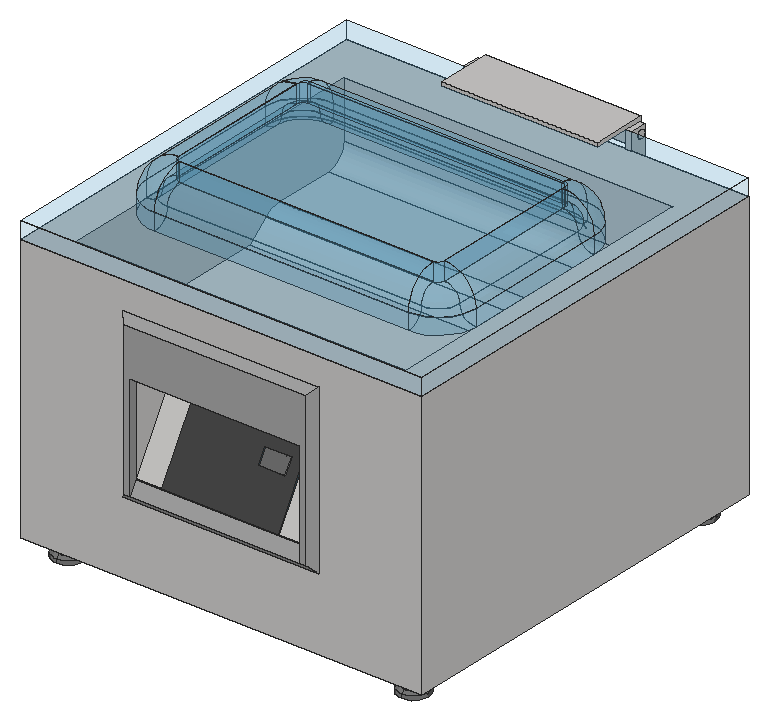
Revit family "QF_ELECTROLUXPROFESSIONAL_602180_EVP16D", category Specialty Equipment, Revit 2018
Family settings
  Round Connector Dimension = Use Diameter
  Part Type = Normal
  Work Plane-Based = No
  Always vertical = Yes
  Cut with Voids When Loaded = No
  Shared = No
  Room Calculation Point = No
Parameters (values of type "Standard")
  Width = 531.0 mm
  Weight = 61.00 kg
  Watts = 0 W
  Volts = 220 V
  URL Manufacturer = "http://professional.electrolux.com"
  URL = "http://professional.electrolux.com"
  Steam Supply Size = 0 mm
  Steam Supply Minimum Pressure = 0.0 Pa
  Steam Supply Maximum Pressure = 0.0 Pa
  Steam Pounds per Hour = 0
  Refrigeration Suction Line Size = 0 mm
  Refrigeration Liquid Line Size = 0 mm
  Refrigerant Compressor Remote = yes
  Manufacturer = "Electrolux Professional"
  Phase = 0
  Model = "EVP16D"
  Max_Height = 830.0 mm
  Length Actual = 531.0 mm  # constant formula
  Item Number = "602180"
  Hot Water Size = 0 mm
  Height Actual = 440.0 mm  # constant formula
  Height = 440.0 mm
  HP = "1.1 HP"
  Gas Size = 0 mm
  Gas KW = 0
  Gas Input Pressure = 0 W
  FeetLeft = 474.0 mm
  FeetFront = 457.0 mm
  Feet [instance] = 923.0 mm
  Direct Waste Size = 0 mm
  Description = "VACUUM PACKER 16 M3/H, TABLE TOP, DIGITAL DISPLAY"
  Depth Actual = 594.0 mm  # constant formula
  Depth = 594.0 mm
  Cycle = 60 Hz
  Condensate Return Size = 0 mm
  Compressed Air Volume = 0.0 L/s
  Compressed Air Size = 0 mm
  Compressed Air Pressure = 0.0 Pa
  Cold Water Size = 0 mm
  Accessory = yes
Types (2, lengths in mm): name | URL | Manufacturer | Model | Description
  (no name) | 0.0 | 0.0 | 0.0 | 0.0
  Standard | "http://professional.electrolux.com" | "Electrolux Professional" | "EVP16D" | "VACUUM PACKER 16 M3/H, TABLE TOP, DIGITAL DISPLAY"
Values of the unnamed type that differ from the named types
  Volts = 0 V
  URL Manufacturer = ""
  Item Number = ""
  Cycle = 0 Hz
Reference planes
  plane 1 "Center (Front/Back)": y = 0
  plane 2: z = 0
  plane 3 "Center (Left/Right)": x = 0
  plane 4 "LEFT": x = -265.5
  plane 5 "RIGHT": x = 265.5
  plane 6 "FRONT": y = -285
  plane 7 "Feet": z = 923
  plane 8 "TOP": z = 1340
  plane 9 "FeetY_Left": x = -228.5
  plane 10 "FeetX_Back": y = 232.5
  plane 11 "FeetX_Front": y = -241.5
  plane 12 "FeetY_Right": x = 228.5
  plane 13 "Cover": z = 1299
  plane 14 "PANEL": through (0, -188.368, 1191.413) normal (0, -0.8594, 0.5113)
  plane 15 "Pipe": y = 309
  plane 16 "PipeX": x = -194.407
  plane 17 "Open_MaxHeight": z = 1730
  plane 18: z = 900
  plane 19 "BACK": y = 292
Forms (mm)
  Revolve 1, solid, material "QF_Finishes_Rubber Black"
    sketch origin (-228.5, -374, 900) x (0, 1, 0) y (0, 0, 1)
      loop
        line (132.5, 0) -> (132.5, 23) -> (118.459, 23) -> (118.459, 8) -> (112.5, 5) -> (112.5, 0) -> (132.5, 0)
      axis (132.5, 23) -> (132.5, 0)
    angle from 0 to 360
  Revolve 2, solid, material "QF_Finishes_Rubber Black"
    sketch origin (228.5, 0, 900) x (0, 1, 0) y (0, 0, 1)
      loop
        line (-241.5, 0) -> (-241.5, 23) -> (-255.541, 23) -> (-255.541, 8) -> (-261.5, 5) -> (-261.5, 0) -> (-241.5, 0)
      axis (-241.5, 23) -> (-241.5, 0)
    angle from 0 to 360
  Revolve 3, solid, material "QF_Finishes_Rubber Black"
    sketch origin (-228.5, 0, 900) x (0, 1, 0) y (0, 0, 1)
      loop
        line (232.5, 0) -> (232.5, 23) -> (218.459, 23) -> (218.459, 8) -> (212.5, 5) -> (212.5, 0) -> (232.5, 0)
      axis (232.5, 23) -> (232.5, 0)
    angle from 0 to 360
  Revolve 4, solid, material "QF_Finishes_Rubber Black"
    sketch origin (228.5, 374, 900) x (0, 1, 0) y (0, 0, 1)
      loop
        line (-141.5, 0) -> (-141.5, 23) -> (-155.541, 23) -> (-155.541, 8) -> (-161.5, 5) -> (-161.5, 0) -> (-141.5, 0)
      axis (-141.5, 23) -> (-141.5, 0)
    angle from 0 to 360
  Extrusion 5, solid, material "QF_Finishes_Stainless Steel"
    sketch origin (0, 0, 0) x (1, 0, 0) y (0, 1, 0)
      loop
        line (-265.5, -275) -> (265.5, -275) -> (265.5, 266) -> (-265.5, 266) -> (-265.5, -275)
    from 923 to 1276.075
  Sweep 6, solid, material "Glass"
    path origin (-10, 20, 1299) x (-1, 0, 0) y (0, -1, 0)
      loop
        arc (158, -101.5) -> (193.355, -86.855) -> (208, -51.5) r 50
        line (208, -51.5) -> (208, 144.476)
        arc (208, 144.476) -> (193.355, 179.831) -> (158, 194.476) r 50
        line (158, 194.476) -> (-178, 194.476)
        arc (-178, 194.476) -> (-213.355, 179.831) -> (-228, 144.476) r 50
        line (-228, 144.476) -> (-228, -51.5)
        arc (-228, -51.5) -> (-213.355, -86.855) -> (-178, -101.5) r 50
        line (-178, -101.5) -> (158, -101.5)
    profile origin (0, 121.5, 1299) x (0, 1, 0) y (0, 0, 1)
      loop
        line (0.024, -22.925) -> (0.024, -0.972)
        arc (0.024, -0.972) -> (-12.266, 28.699) -> (-41.936, 40.989) r 41.96
        line (-41.936, 40.989) -> (-41.936, 16.929)
        arc (-41.936, 16.929) -> (-27.767, 11.06) -> (-21.898, -3.109) r 20.038
        arc (-21.898, -3.109) -> (-15.074, -17.594) -> (0.024, -22.925) r 20.778
  Extrusion 7, void
    sketch origin (0, 0, 0) x (0, 1, 0) y (0, 0, 1)
      loop
        line (200.533, 1276) -> (-242, 1276) -> (-242, 1201.071)
        arc (-242, 1201.071) -> (-235.996, 1186.575) -> (-221.5, 1180.571) r 20.5
        line (-221.5, 1180.571) -> (-141.413, 1180.571)
        arc (-141.413, 1180.571) -> (-130.662, 1178.578) -> (-121.339, 1172.865) r 30
        line (-121.339, 1172.865) -> (-91.502, 1146) -> (45.689, 1146) -> (72.68, 1167.284)
        arc (72.68, 1167.284) -> (82.412, 1173.787) -> (93.893, 1176.071) r 30
        line (93.893, 1176.071) -> (175.533, 1176.071)
        arc (175.533, 1176.071) -> (193.211, 1183.393) -> (200.533, 1201.071) r 25
        line (200.533, 1201.071) -> (200.533, 1276)
    from -218.024 to 218.024
  Blend 8, solid, material "QF_Finishes_Gray"
    base sketch origin (0, -285, 0) x (-1, 0, 0) y (0, 0, 1)
      loop
        line (-130, 1240.464) -> (-130, 1019) -> (130, 1019) -> (130, 1240.464) -> (-130, 1240.464)
    top sketch origin (0, -285, 0) x (-1, 0, 0) y (0, 0, 1)
      loop
        line (-120, 1230.464) -> (-120, 1029) -> (120, 1029) -> (120, 1230.464) -> (-120, 1230.464)
    from 10 to 0
  Extrusion 9, void
    sketch origin (0, 0, 21.423) x (0, 1, 0) y (0, 0, 1)
      loop
        line (-285, 1007.577) -> (-223.603, 1110.77) -> (-285, 1147.299) -> (-285, 1007.577)
    from -113 to 113
  Extrusion 10, solid, material "QF_Finishes_Stainless Steel"
    sketch origin (0, 0, 0) x (0, 1, 0) y (0, 0, 1)
      loop
        line (266, 1227.492) -> (288.413, 1227.492) -> (288.413, 1299) -> (266, 1299) -> (266, 1227.492)
    from -103 to -111
  Extrusion 11, solid, material "QF_Finishes_Stainless Steel"
    sketch origin (0, 7, 0) x (0, 1, 0) y (0, 0, 1)
      loop
        line (212.5, 1299) -> (266, 1299) -> (266, 1277.306) -> (285, 1277.306) -> (285, 1304) -> (212.5, 1304) -> (212.5, 1299)
      loop
        circle (273, 1290.774) r 5
    from -103 to 103
  Extrusion 12, solid, material "QF_Finishes_Stainless Steel"
    sketch origin (0, 7, 0) x (0, 1, 0) y (0, 0, 1)
      loop
        circle (273, 1290.774) r 5
    from 111 to 112.734
  Extrusion 13, solid, material "QF_Finishes_Stainless Steel"
    sketch origin (0, 7, 0) x (0, 1, 0) y (0, 0, -1)
      loop
        circle (273, -1290.774) r 5
    from 111 to 113.286
  Extrusion 14, solid, material "QF_Finishes_Stainless Steel"
    sketch origin (0, 0, 0) x (0, 1, 0) y (0, 0, 1)
      loop
        line (266, 1227.492) -> (288.413, 1227.492) -> (288.413, 1299) -> (266, 1299) -> (266, 1227.492)
    from 103 to 111
  Extrusion 15, solid, material "QF_Finishes_Stainless Steel"
    sketch origin (0, 285, 0) x (-1, 0, 0) y (0, 0, 1)
      loop
        circle (-235.5, 933) r 8
    from -19 to -17.4
  Sweep 16, solid, material "QF_Finishes_Stainless Steel"
    path origin (-194.407, 0, 45) x (0, -1, 0) y (0, 0, 1)
      loop
        line (-300.5, 1133.544) -> (-300.5, 1118.544)
        arc (-300.5, 1118.544) -> (-297.571, 1111.473) -> (-290.5, 1108.544) r 10
        line (-290.5, 1108.544) -> (-266, 1108.544)
    profile origin (-194.407, 300.5, 1171.044) x (-1, 0, 0) y (0, -1, 0)
      loop
        circle (0, 0) r 8.5
      loop
        circle (0, 0) r 7
  Extrusion 17, solid, material "Glass"
    sketch origin (-10, 20, 1299) x (-1, 0, 0) y (0, -1, 0)
      loop
        line (166.024, -56) -> (166.024, 144.476)
        arc (166.024, 144.476) -> (163.662, 150.178) -> (157.96, 152.54) r 8.064
        line (157.96, 152.54) -> (-177.96, 152.54)
        arc (-177.96, 152.54) -> (-183.662, 150.178) -> (-186.024, 144.476) r 8.064
        line (-186.024, 144.476) -> (-186.024, -56)
        arc (-186.024, -56) -> (-183.662, -61.702) -> (-177.96, -64.064) r 8.064
        line (-177.96, -64.064) -> (157.96, -64.064)
        arc (157.96, -64.064) -> (163.662, -61.702) -> (166.024, -56) r 8.064
    from 16.929 to 41
  Extrusion 18, solid, material "Glass"
    sketch origin (0, 0, 0) x (1, 0, 0) y (0, 1, 0)
      loop
        line (-265.5, -275) -> (265.5, -275) -> (265.5, 266) -> (-265.5, 266) -> (-265.5, -275)
    from 1299 to 1276.075
  Sweep 19, solid, material "QF_Door-Drawer Clearances", detail levels coarse
    path origin (-10, 118.477, 1488.01) x (0, -0.669131, 0.743145) y (-1, 0, 0)
      loop
        line (-106, 158) -> (-106, -178)
        arc (-106, -178) -> (-91.355, -213.355) -> (-56, -228) r 50
        line (-56, -228) -> (139.976, -228)
        arc (139.976, -228) -> (175.331, -213.355) -> (189.976, -178) r 50
        line (189.976, -178) -> (189.976, 158)
        arc (189.976, 158) -> (175.331, 193.355) -> (139.976, 208) r 50
        line (139.976, 208) -> (-56, 208)
        arc (-56, 208) -> (-91.355, 193.355) -> (-106, 158) r 50
    profile origin (0, 189.405, 1409.236) x (0, -0.669131, 0.743145) y (0, -0.743145, -0.669131)
      loop
        line (-0.024, 22.925) -> (-0.024, 0.972)
        arc (-0.024, 0.972) -> (12.266, -28.699) -> (41.936, -40.989) r 41.96
        line (41.936, -40.989) -> (41.936, -16.929)
        arc (41.936, -16.929) -> (27.767, -11.06) -> (21.898, 3.109) r 20.038
        arc (21.898, 3.109) -> (15.074, 17.594) -> (-0.024, 22.925) r 20.778
  Extrusion 20, solid, material "QF_Door-Drawer Clearances", detail levels coarse
    sketch origin (0, -860.251, 633.672) x (1, 0, 0) y (0, 0.669131, -0.743145)
      loop
        line (-265.5, -305.63) -> (265.5, -305.63) -> (265.5, 266) -> (-265.5, 266) -> (-265.5, -305.63)
    from 1299 to 1276.075
  Extrusion 21, solid, material "QF_Door-Drawer Clearances", detail levels coarse
    sketch origin (0, 0, 0) x (0, 1, 0) y (0, 0, 1)
      loop
        line (169.425, 1452.239) -> (187.305, 1467.828) -> (49.88, 1625.451) -> (32, 1609.863) -> (169.425, 1452.239)
    from -176.064 to 176.064
Cuts and joins
  Extrusion 7, Extrusion 9 cuts Extrusion 5
  Extrusion 9 cuts Blend 8
Lines and regions (mm)
  symbolic lines
    curve 1: line (265.5, -275, 1299) -> (-265.5, -275, 1299)
    curve 2: line (-120, -285, 1299) -> (-130, -275, 1299)
    curve 3: line (120, -285, 1299) -> (-120, -285, 1299)
    curve 4: line (130, -275, 1299) -> (120, -285, 1299)
    curve 5: line (265.5, 266, 1299) -> (265.5, -275, 1299)
    curve 6: line (-265.5, -275, 1299) -> (-265.5, 266, 1299)
    curve 7: line (-103, 292, 1299) -> (103, 292, 1299)
    curve 8: line (-103, 292, 1299) -> (-103, 219.5, 1299)
    curve 9: line (103, 292, 1299) -> (103, 219.5, 1299)
    curve 10: line (111, 288.413, 1299) -> (111, 266, 1299)
    curve 11: line (-265.5, 266, 1299) -> (-103, 266, 1299)
    curve 12: line (261, 267.6, 1299) -> (227.5, 267.6, 1299)
    curve 13: line (227.5, 267.6, 1299) -> (227.5, 266, 1299)
    curve 14: line (261, 267.6, 1299) -> (261, 266, 1299)
    curve 15: line (103, 219.5, 1299) -> (-103, 219.5, 1299)
    curve 16: line (103, 266, 1299) -> (265.5, 266, 1299)
    curve 17: circle (-194.407, 300.5, 1299) r 8.5 normal (0, 0, 1)
    curve 18: circle (-194.407, 300.5, 1299) r 7 normal (0, 0, -1)
    curve 19: line (-202.907, 300.5, 1299) -> (-202.907, 266, 1299)
    curve 20: line (-185.907, 300.5, 1299) -> (-185.907, 266, 1299)
    curve 21: line (-103, 288.413, 1299) -> (-111, 288.413, 1299)
    curve 22: line (-111, 288.413, 1299) -> (-111, 266, 1299)
    curve 23: arc (-168, -174.5, 1299) -> (-203.372, -159.848, 1299) -> (-218.024, -124.476, 1299) r 50.024
    curve 24: line (168, -174.5, 1299) -> (-168, -174.5, 1299)
    curve 25: arc (218.024, -124.476, 1299) -> (203.372, -159.848, 1299) -> (168, -174.5, 1299) r 50.024
    curve 26: arc (168, 121.524, 1299) -> (203.372, 106.872, 1299) -> (218.024, 71.5, 1299) r 50.024
    curve 27: line (-168, 121.524, 1299) -> (168, 121.524, 1299)
    curve 28: arc (-218.024, 71.5, 1299) -> (-203.372, 106.872, 1299) -> (-168, 121.524, 1299) r 50.024
    curve 29: line (-218.024, 71.5, 1299) -> (-218.024, -124.476, 1299)
    curve 30: line (218.024, -124.476, 1299) -> (218.024, 71.5, 1299)
    curve 31: line (103, 288.413, 1299) -> (111, 288.413, 1299)
Dimensions and locks
  "Width": plane 4 "LEFT" to plane 5 "RIGHT"
  equal spacing: plane 4 "LEFT", plane 3 "Center (Left/Right)", plane 5 "RIGHT"
  plane 1 "Center (Front/Back)" to plane 6 "FRONT" = 285.0 mm
  "FeetFront": plane 9 "FeetY_Left" to plane 12 "FeetY_Right"
  "FeetLeft": plane 10 "FeetX_Back" to plane 11 "FeetX_Front"
  plane 10 "FeetX_Back" to plane 1 "Center (Front/Back)" to plane 11 "FeetX_Front" = 232.5 mm, 241.5 mm
  "Depth": plane 6 "FRONT" to plane 15 "Pipe"
  equal spacing: plane 9 "FeetY_Left", plane 3 "Center (Left/Right)", plane 12 "FeetY_Right"
  plane 18 to level = 900.0 mm
  plane 7 "Feet" to plane 18 = 23.0 mm
  "Max_Height": plane 17 "Open_MaxHeight" to plane 18
  "Height": plane 8 "TOP" to plane 18
  angle Extrusion 18 to Extrusion 20 = 48.00°
  aligned and locked: level to plane 2
  aligned and locked: plane 7 "Feet" to Extrusion 5
Automatic sketch dimensions
  Revolve 1 sketch curve to plane 18 = 0.0 mm
  Revolve 1 sketch curve to plane 7 "Feet" = 0.0 mm
  Revolve 1 sketch curve to plane 11 "FeetX_Front" = 0.0 mm  (x2)
  Revolve 1 sketch curve to plane 11 "FeetX_Front" = 14.041 mm
  plane 18 to Revolve 1 sketch curve = 5.0 mm
  Revolve 1 sketch curve to Revolve 1 sketch curve = 5.959 mm
  Revolve 1 sketch curve to Revolve 1 sketch curve = 3.0 mm
  Revolve 1 sketch curve to plane 18 = 6.921 mm
  plane 17 "Open_MaxHeight" to Revolve 1 sketch curve = 101.067 mm
  Revolve 2 sketch curve to plane 18 = 0.0 mm
  Revolve 2 sketch curve to plane 7 "Feet" = 0.0 mm
  Revolve 2 sketch curve to plane 11 "FeetX_Front" = 0.0 mm  (x2)
  Revolve 2 sketch curve to plane 11 "FeetX_Front" = 14.041 mm
  plane 18 to Revolve 2 sketch curve = 5.0 mm
  Revolve 2 sketch curve to Revolve 2 sketch curve = 5.959 mm
  Revolve 2 sketch curve to Revolve 2 sketch curve = 3.0 mm
  Revolve 2 sketch curve to plane 18 = 6.921 mm
  plane 17 "Open_MaxHeight" to Revolve 2 sketch curve = 101.067 mm
  Revolve 3 sketch curve to plane 18 = 0.0 mm
  Revolve 3 sketch curve to plane 7 "Feet" = 0.0 mm
  Revolve 3 sketch curve to plane 10 "FeetX_Back" = 0.0 mm  (x2)
  Revolve 3 sketch curve to plane 10 "FeetX_Back" = 14.041 mm
  plane 18 to Revolve 3 sketch curve = 5.0 mm
  Revolve 3 sketch curve to Revolve 3 sketch curve = 5.959 mm
  Revolve 3 sketch curve to Revolve 3 sketch curve = 3.0 mm
  Revolve 3 sketch curve to plane 18 = 6.921 mm
  plane 17 "Open_MaxHeight" to Revolve 3 sketch curve = 101.067 mm
  Revolve 4 sketch curve to plane 18 = 0.0 mm
  Revolve 4 sketch curve to plane 7 "Feet" = 0.0 mm
  Revolve 4 sketch curve to plane 10 "FeetX_Back" = 0.0 mm  (x2)
  Revolve 4 sketch curve to plane 10 "FeetX_Back" = 14.041 mm
  plane 18 to Revolve 4 sketch curve = 5.0 mm
  Revolve 4 sketch curve to Revolve 4 sketch curve = 5.959 mm
  Revolve 4 sketch curve to Revolve 4 sketch curve = 3.0 mm
  Revolve 4 sketch curve to plane 18 = 6.921 mm
  plane 17 "Open_MaxHeight" to Revolve 4 sketch curve = 101.067 mm
  Extrusion 5 sketch curve to plane 4 "LEFT" = 0.0 mm
  Extrusion 5 sketch curve to plane 5 "RIGHT" = 0.0 mm
  plane 6 "FRONT" to Extrusion 5 sketch curve = 10.0 mm
  Sweep 6 sketch curve to plane 12 "FeetY_Right" = 10.5 mm
  Sweep 6 sketch curve to plane 12 "FeetY_Right" = 60.5 mm  (x2)
  Sweep 6 sketch curve to plane 16 "PipeX" = 26.407 mm  (x2)
  plane 9 "FeetY_Left" to Sweep 6 sketch curve = 10.5 mm
  Sweep 6 sketch curve to plane 10 "FeetX_Back" = 111.0 mm
  plane 11 "FeetX_Front" to Sweep 6 sketch curve = 117.024 mm
  plane 13 "Cover" to Sweep 6 sketch curve = 0.972 mm
  profile plane to Sweep 6 sketch curve = 41.936 mm
  profile plane to Sweep 6 sketch curve = 1.141 mm
  Sweep 6 sketch curve to profile plane = 0.024 mm
  Sweep 6 sketch curve to Sweep 6 sketch curve = 1.208 mm
  Sweep 6 sketch curve to Sweep 6 sketch curve = 2.137 mm
  Sweep 6 sketch curve to Sweep 6 sketch curve = 20.745 mm
  Blend 8 sketch curve to plane 12 "FeetY_Right" = 98.5 mm
  Blend 8 sketch curve to plane 16 "PipeX" = 64.407 mm
  plane 7 "Feet" to Blend 8 sketch curve = 96.0 mm
  plane 13 "Cover" to Blend 8 sketch curve = 58.536 mm
  Blend 8 sketch curve to plane 12 "FeetY_Right" = 108.5 mm
  Blend 8 sketch curve to plane 16 "PipeX" = 74.407 mm
  plane 7 "Feet" to Blend 8 sketch curve = 106.0 mm
  plane 13 "Cover" to Blend 8 sketch curve = 68.536 mm
  plane 13 "Cover" to Extrusion 11 sketch curve = 0.0 mm
  Extrusion 11 sketch curve to Extrusion 11 sketch curve = 7.0 mm
  Extrusion 11 sketch curve to plane 10 "FeetX_Back" = 13.0 mm
  plane 13 "Cover" to Extrusion 11 sketch curve = 8.226 mm
  Extrusion 11 sketch curve to Extrusion 11 sketch curve = 13.468 mm
  Extrusion 11 sketch curve to plane 13 "Cover" = 5.0 mm
  plane 13 "Cover" to Extrusion 12 sketch curve = 8.226 mm
  plane 13 "Cover" to Extrusion 13 sketch curve = 8.226 mm
  plane 12 "FeetY_Right" to Extrusion 15 sketch curve = 7.0 mm
  plane 7 "Feet" to Extrusion 15 sketch curve = 10.0 mm
  plane 15 "Pipe" to Sweep 16 sketch curve = 8.5 mm
  plane 13 "Cover" to Sweep 16 sketch curve = 145.456 mm
  Sweep 16 sketch curve to Sweep 16 sketch curve = 15.0 mm
  Sweep 16 sketch curve to Sweep 16 sketch curve = 0.0 mm  (x2)
  Sweep 16 sketch curve to plane 16 "PipeX" = 0.0 mm
  Sweep 16 sketch curve to profile plane = 0.0 mm
  Extrusion 17 sketch curve to plane 12 "FeetY_Right" = 52.476 mm
  Extrusion 17 sketch curve to Extrusion 17 sketch curve = 8.064 mm  (x3)
  Extrusion 17 sketch curve to plane 16 "PipeX" = 26.447 mm  (x2)
  Extrusion 17 sketch curve to plane 1 "Center (Front/Back)" = 84.064 mm
  plane 11 "FeetX_Front" to Extrusion 17 sketch curve = 117.024 mm
  Extrusion 18 sketch curve to plane 4 "LEFT" = 0.0 mm
  Extrusion 18 sketch curve to plane 5 "RIGHT" = 0.0 mm
  plane 6 "FRONT" to Extrusion 18 sketch curve = 10.0 mm
  Sweep 19 sketch curve to plane 16 "PipeX" = 26.407 mm  (x2)
  Sweep 19 sketch curve to plane 12 "FeetY_Right" = 10.5 mm
  Sweep 19 sketch curve to Sweep 19 sketch curve = 50.0 mm  (x2)
  Sweep 19 sketch curve to Sweep 19 sketch curve = 195.976 mm  (x2)
  profile plane to Sweep 19 sketch curve = 0.024 mm
  Sweep 19 sketch curve to profile plane = 1.141 mm
  Sweep 19 sketch curve to profile plane = 16.929 mm
  Sweep 19 sketch curve to profile plane = 41.936 mm
  Sweep 19 sketch curve to Sweep 19 sketch curve = 24.059 mm
  Sweep 19 sketch curve to Sweep 19 sketch curve = 1.208 mm
  Sweep 19 sketch curve to Sweep 19 sketch curve = 2.137 mm
  Extrusion 20 sketch curve to plane 4 "LEFT" = 0.0 mm
  Extrusion 20 sketch curve to plane 5 "RIGHT" = 0.0 mm
  Extrusion 20 sketch curve to Extrusion 20 sketch curve = 571.63 mm
  plane 13 "Cover" to Extrusion 10 sketch curve = 0.0 mm
  Extrusion 14 sketch curve to Extrusion 14 sketch curve = 71.508 mm
  Extrusion 21 sketch curve to plane 1 "Center (Front/Back)" = 49.88 mm
  Extrusion 21 sketch curve to plane 10 "FeetX_Back" = 45.195 mm
  plane 8 "TOP" to Extrusion 21 sketch curve = 127.828 mm
  Extrusion 21 sketch curve to plane 17 "Open_MaxHeight" = 104.549 mm
  Extrusion 21 sketch curve to Extrusion 21 sketch curve = 17.88 mm
  Extrusion 10 sketch curve to Extrusion 10 sketch curve = 71.508 mm
  plane 13 "Cover" to Extrusion 14 sketch curve = 0.0 mm
  Extrusion 7 sketch curve to plane 11 "FeetX_Front" = 0.5 mm
  plane 11 "FeetX_Front" to Extrusion 7 sketch curve = 20.0 mm
  Extrusion 7 sketch curve to Extrusion 7 sketch curve = 80.087 mm
  Extrusion 7 sketch curve to Extrusion 7 sketch curve = 20.074 mm
  Extrusion 7 sketch curve to Extrusion 7 sketch curve = 29.837 mm
  Extrusion 7 sketch curve to plane 1 "Center (Front/Back)" = 45.689 mm
  Extrusion 7 sketch curve to Extrusion 7 sketch curve = 26.99 mm
  Extrusion 7 sketch curve to Extrusion 7 sketch curve = 21.213 mm  (x2)
  Extrusion 7 sketch curve to plane 10 "FeetX_Back" = 56.967 mm
  Extrusion 7 sketch curve to plane 10 "FeetX_Back" = 31.967 mm
  plane 13 "Cover" to Extrusion 7 sketch curve = 153.0 mm
  Extrusion 7 sketch curve to Extrusion 7 sketch curve = 0.071 mm
  Extrusion 7 sketch curve to Extrusion 7 sketch curve = 4.571 mm
  Extrusion 7 sketch curve to Extrusion 7 sketch curve = 22.294 mm
  plane 13 "Cover" to Extrusion 7 sketch curve = 23.0 mm
  plane 10 "FeetX_Back" to Extrusion 5 sketch curve = 33.5 mm
  plane 10 "FeetX_Back" to Extrusion 10 sketch curve = 33.5 mm
  plane 15 "Pipe" to Extrusion 10 sketch curve = 20.587 mm
  plane 15 "Pipe" to Extrusion 11 sketch curve = 36.0 mm
  plane 15 "Pipe" to Extrusion 11 sketch curve = 17.0 mm
  plane 15 "Pipe" to Extrusion 12 sketch curve = 29.0 mm
  plane 15 "Pipe" to Extrusion 13 sketch curve = 29.0 mm
  plane 10 "FeetX_Back" to Extrusion 14 sketch curve = 33.5 mm
  plane 15 "Pipe" to Extrusion 14 sketch curve = 20.587 mm
  Sweep 16 sketch curve to Sweep 16 sketch curve = 10.0 mm
  Sweep 16 sketch curve to Sweep 16 sketch curve = 24.5 mm
  plane 10 "FeetX_Back" to Extrusion 18 sketch curve = 33.5 mm
  curve 17 to curve 18 = 0.0 mm  (x2)
  curve 1 to plane 5 "RIGHT" = 0.0 mm
  curve 3 to plane 6 "FRONT" = 0.0 mm
  curve 9 to plane 19 "BACK" = 0.0 mm
  curve 17 to plane 16 "PipeX" = 0.0 mm
  curve 6 to plane 4 "LEFT" = 0.0 mm
  curve 12 to plane 5 "RIGHT" = 4.5 mm
  curve 13 to plane 12 "FeetY_Right" = 1.0 mm
  curve 30 to plane 12 "FeetY_Right" = 10.476 mm
  curve 26 to curve 26 = 50.024 mm
  curve 24 to plane 12 "FeetY_Right" = 60.5 mm
  curve 3 to plane 12 "FeetY_Right" = 108.5 mm
  curve 31 to plane 19 "BACK" = 3.587 mm
  plane 3 "Center (Left/Right)" to curve 31 = 111.0 mm
  curve 15 to plane 10 "FeetX_Back" = 13.0 mm
  curve 10 to curve 15 = 8.0 mm
  curve 7 to plane 16 "PipeX" = 91.407 mm
  curve 3 to plane 16 "PipeX" = 74.407 mm
  curve 23 to plane 16 "PipeX" = 26.407 mm
  curve 27 to plane 16 "PipeX" = 26.407 mm
  plane 9 "FeetY_Left" to curve 29 = 10.476 mm
  plane 19 "BACK" to curve 17 = 8.5 mm
  curve 12 to plane 19 "BACK" = 24.4 mm
  curve 11 to plane 19 "BACK" = 26.0 mm
  curve 12 to curve 5 = 1.6 mm
  curve 27 to plane 10 "FeetX_Back" = 110.976 mm
  plane 11 "FeetX_Front" to curve 29 = 117.024 mm
  plane 6 "FRONT" to curve 6 = 10.0 mm
  curve 4 to curve 3 = 10.0 mm
  curve 21 to curve 21 = 8.0 mm
  curve 2 to curve 2 = 10.0 mm
  plane 19 "BACK" to curve 20 = 8.5 mm
  curve 20 to plane 16 "PipeX" = 8.5 mm
  plane 19 "BACK" to curve 19 = 8.5 mm
  curve 21 to plane 19 "BACK" = 3.587 mm
  Extrusion 9 sketch curve to plane 6 "FRONT" = 0.0 mm
  Extrusion 9 sketch curve to plane 14 "PANEL" = 0.0 mm  (x2)
  plane 11 "FeetX_Front" to Extrusion 9 sketch curve = 17.897 mm
  radius of Extrusion 11 sketch curve = 5.0 mm
  radius of Extrusion 12 sketch curve = 5.0 mm
  radius of Extrusion 13 sketch curve = 5.0 mm
  radius of Extrusion 15 sketch curve = 8.0 mm
  radius of Sweep 16 sketch curve = 8.5 mm
  radius of Sweep 16 sketch curve = 7.0 mm
  radius of curve 18 = 7.0 mm
Nested families
  nested 1: "QF_EVP_PANEL" at (0.008, -249.169, 1089.223) x (1, 0, 0) z (0, -0.8594, 0.5113), type "QF_EVP_PANEL"
Connectors
  electrical at (235.5, 267.6, 933), driven by "Volts"
    settings: on Extrusion 15, index 1, voltage 220 V, apparent load 0 VA, apparent load phase1 0 VA, apparent load phase2 0 VA, apparent load phase3 0 VA, power factor 1, load classification "Other", number of poles 1, system type 30, power factor state 1, is connector primary yes, connector utility no, sub classification motor no, connector description "Electrical Connection"
  piping at (-194.407, 300.5, 1178.544), diameter 17
    settings: on Sweep 16, index 2, connector inside diameter 609.6 mm, connector length 0.0 mm, flow factor 0, pipe flow 0.0 L/s, pressure drop 0.0 Pa, fitting loss kfactor 0, connector angle 0.00°, fixture units 0, engagement length 0.0 mm, angle of deflection 0.00°, flow configuration 1, flow direction 1, fitting loss method 0, system type 22, joint type 0, gender type 0, connector reference index -1, connector utility 0, adjustable connector no, is connector primary yes, connector description "Inert Gas Connection"
Definition of nested family "QF_EVP_PANEL"
  Parameters
    Default Elevation = 1219.2 mm
  Reference planes
    plane 1 "Center (Front/Back)": y = 0
    plane 2: z = 0
    plane 3 "Center (Left/Right)": x = 0
    plane 4: y = 50
    plane 5: y = -50
    plane 6: x = -77
    plane 7: x = 77
  Forms (mm)
    Extrusion 1, solid
      sketch origin (0, 0, 0) x (1, 0, 0) y (0, 1, 0)
        loop
          line (-1219.2, 1219.2) -> (-1219.2, -1219.2) -> (1219.2, -1219.2) -> (1219.2, 1219.2) -> (-1219.2, 1219.2)
      from 0 to -304.8
    Extrusion 2, solid
      sketch origin (0, 0, 0) x (1, 0, 0) y (0, 1, 0)
        loop
          line (26.572, 30) -> (26.572, 10) -> (61.572, 10) -> (61.572, 30) -> (26.572, 30)
        loop
          line (77, 50) -> (-77, 50) -> (-77, -50) -> (77, -50) -> (77, 50)
      from 0 to 1.6
    Extrusion 3, solid
      sketch origin (0, 0, 0) x (1, 0, 0) y (0, 1, 0)
        loop
          line (26.572, 30) -> (26.572, 10) -> (61.572, 10) -> (61.572, 30) -> (26.572, 30)
      from 0 to 1.6
  Dimensions and locks
    plane 6 to plane 7 = 154.0 mm
    plane 4 to plane 5 = 100.0 mm
    aligned and locked: plane 2 to Extrusion 1
    aligned and locked: level to Extrusion 1
